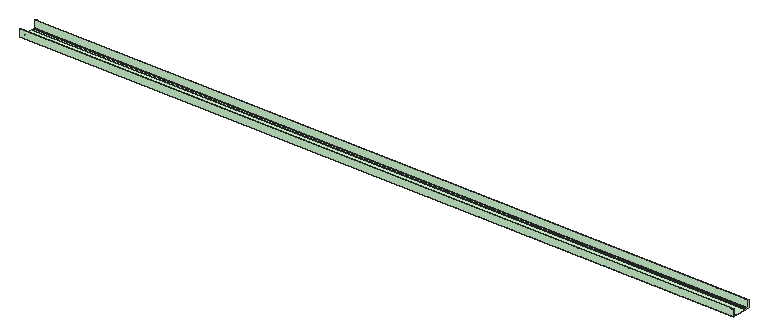
Revit family "WR-100", category 機械設備, Revit 2020
Family settings
  丸型コネクタ寸法 = 直径を使用
  種別 = なし
  パーツ タイプ = 標準
  作業面ベース = いいえ
  常に垂直 = はい
  ロード時にボイドで切り取り = いいえ
  共有 = いいえ
  部屋計算ポイント = いいえ
Parameters
  製造元 = "株式会社桐井製作所"
  既定の高さ = 0 mm
  URL = "https://www.kirii.co.jp/"
  K_長さ(mm) [instance] = 4000 mm
  K_材質 = "SGCCまたはSGHC　一般用"
  K_断面積A(mm2) = 143.5
  K_断面係数Zy(mm3) = 4496
  K_断面係数Zx(mm3) = 718
  K_断面2次半径iy(mm) = 40
  K_断面2次半径ix(mm) = 12.4
  K_断面2次モーメントIy(mm4) = 229300
  K_断面2次モーメントIx(mm4) = 22160
  K_外形寸法(mm) = "102×40×0.8"
  K_品名 = "WR-100"
  K_名称 = "ランナー"
  K_単位質量(kg/m) = 1.159
  K_ヤング係数E(N/mm2) = 205000
  K_バージョン情報 = "20210524"
  K_めっき付着量 = "Z12"
  K_JIS規格 = "JIS G 3302"
  K_JIS外 [instance] = not(K_JIS)  # no
  K_JIS [instance] = yes
Reference planes
  plane 1 "中心(正面/背面)": y = 0
  plane 2: z = 0
  plane 3 "中心(左/右)": x = 0
  plane 4: x = 4000
  plane 5: y = -51
  plane 6: y = 51
  plane 7: z = 40
Forms (mm)
  Extrusion 1, solid
    sketch origin (0, 0, 0) x (0, 1, 0) y (0, 0, 1)
      loop
        line (30.991, 0) -> (31.81, 0.819) -> (40.21, 0.819) -> (41.029, 0) -> (51, 0) -> (51, 40) -> (50.2, 40) -> (50.2, 0.8) -> (41.36, 0.8) -> (40.541, 1.619) -> (31.479, 1.619) -> (30.659, 0.8) -> (-30.679, 0.8) -> (-31.479, 1.6) -> (-40.541, 1.6) -> (-41.341, 0.8) -> (-50.2, 0.8) -> (-50.2, 40) -> (-51, 40) -> (-51, 0) -> (-41.01, 0) -> (-40.21, 0.8) -> (-31.81, 0.8) -> (-31.01, 0) -> (30.991, 0)
    from 0 to 4000
Dimensions and locks
  "K_長さ(mm)": plane 3 "中心(左/右)" to plane 4
  aligned and locked: level to plane 2
  aligned and locked: plane 4 to Extrusion 1
Automatic sketch dimensions
  Extrusion 1 sketch curve to level = 0 mm  (x3)
  Extrusion 1 sketch curve to Extrusion 1 sketch curve = 0.8 mm  (x5)
  level to Extrusion 1 sketch curve = 0.8 mm  (x4)
  Extrusion 1 sketch curve to Extrusion 1 sketch curve = 8.859 mm
  Extrusion 1 sketch curve to Extrusion 1 sketch curve = 0.331 mm  (x8)
  Extrusion 1 sketch curve to Extrusion 1 sketch curve = 8.4 mm  (x2)
  level to Extrusion 1 sketch curve = 1.6 mm
  Extrusion 1 sketch curve to plane 1 "中心(正面/背面)" = 30.659 mm
  Extrusion 1 sketch curve to Extrusion 1 sketch curve = 0.819 mm  (x2)
  level to Extrusion 1 sketch curve = 0.819 mm
  Extrusion 1 sketch curve to Extrusion 1 sketch curve = 39.2 mm  (x2)
  Extrusion 1 sketch curve to plane 5 = 0 mm
  plane 6 to Extrusion 1 sketch curve = 0.8 mm
